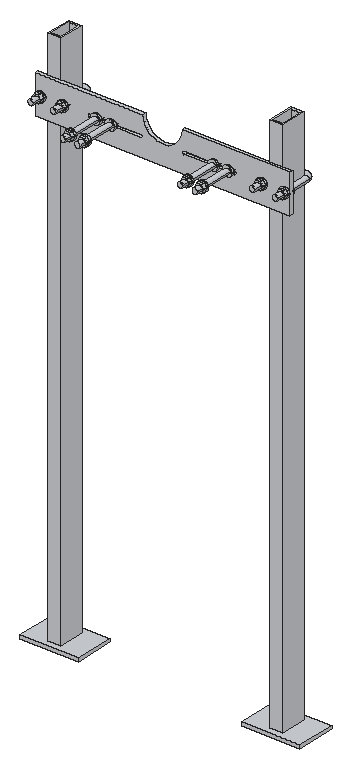
Revit family
Parameters (values of type "MC-31")
  Model = "MC-31"
  Manufacturer = "MIFAB"
  Description = "Urinal Carrier"
Reference planes (in)
  plane 1 "Center (Front/Back)": y = 0
  plane 2: z = 0
  plane 3 "Center (Left/Right)": x = 0
Forms (in)
  Extrusion 1, solid
    sketch origin (-0.0385, 0, 0) x (1, 0, 0) y (0, 1, 0)
      loop
        line (-10.75, 1.5) -> (-10.75, -1.5) -> (-6.25, -1.5) -> (-6.25, 1.5) -> (-10.75, 1.5)
      loop
        line (10.75, 1.5) -> (6.25, 1.5) -> (6.25, -1.5) -> (10.75, -1.5) -> (10.75, 1.5)
    from 0 to 0.25
  Extrusion 2, solid
    sketch origin (-0.0385, 0, 0) x (1, 0, 0) y (0, 1, 0)
      loop
        line (-9, 1) -> (-9, -1) -> (-8, -1) -> (-8, 1) -> (-9, 1)
      loop
        line (9, 1) -> (8, 1) -> (8, -1) -> (9, -1) -> (9, 1)
      loop
        line (-8.875, 0.875) -> (-8.875, -0.875) -> (-8.125, -0.875) -> (-8.125, 0.875) -> (-8.875, 0.875)
      loop
        line (8.875, 0.875) -> (8.125, 0.875) -> (8.125, -0.875) -> (8.875, -0.875) -> (8.875, 0.875)
    from 0.25 to 42
  Extrusion 3, solid
    sketch origin (-0.0385, -1.5, 0) x (1, 0, 0) y (0, 0, 1)
      loop
        line (-9.75, 39.14334) -> (-9.75, 36.14334) -> (9.75, 36.14334) -> (9.75, 39.14334) -> (1.5, 39.14334)
        arc (1.5, 39.14334) -> (0, 37.64334) -> (-1.5, 39.14334) r 1.5
        line (-1.5, 39.14334) -> (-9.75, 39.14334)
      loop
        circle (9.37144, 37.625) r 0.25
      loop
        circle (7.62856, 37.625) r 0.25
      loop
        circle (-9.37144, 37.625) r 0.25
      loop
        circle (-7.62856, 37.625) r 0.25
      loop
        line (5.54399, 37.75) -> (5.275, 37.75)
        arc (5.275, 37.75) -> (5.05994, 37.87253) -> (4.84488, 37.75) r 0.25
        line (4.84488, 37.75) -> (4.15512, 37.75)
        arc (4.15512, 37.75) -> (3.94006, 37.87253) -> (3.725, 37.75) r 0.25
        line (3.725, 37.75) -> (1.66899, 37.75)
        arc (1.66899, 37.75) -> (1.54399, 37.625) -> (1.66899, 37.5) r 0.125
        line (1.66899, 37.5) -> (3.72215, 37.5)
        arc (3.72215, 37.5) -> (3.94006, 37.37253) -> (4.15797, 37.5) r 0.25
        line (4.15797, 37.5) -> (4.84203, 37.5)
        arc (4.84203, 37.5) -> (5.05994, 37.37253) -> (5.27785, 37.5) r 0.25
        line (5.27785, 37.5) -> (5.54399, 37.5)
        arc (5.54399, 37.5) -> (5.66899, 37.625) -> (5.54399, 37.75) r 0.125
      loop
        arc (-5.54399, 37.75) -> (-5.66899, 37.625) -> (-5.54399, 37.5) r 0.125
        line (-5.54399, 37.5) -> (-5.27785, 37.5)
        arc (-5.27785, 37.5) -> (-5.05994, 37.37253) -> (-4.84203, 37.5) r 0.25
        line (-4.84203, 37.5) -> (-4.15797, 37.5)
        arc (-4.15797, 37.5) -> (-3.94006, 37.37253) -> (-3.72215, 37.5) r 0.25
        line (-3.72215, 37.5) -> (-1.66899, 37.5)
        arc (-1.66899, 37.5) -> (-1.54399, 37.625) -> (-1.66899, 37.75) r 0.125
        line (-1.66899, 37.75) -> (-3.725, 37.75)
        arc (-3.725, 37.75) -> (-3.94006, 37.87253) -> (-4.15512, 37.75) r 0.25
        line (-4.15512, 37.75) -> (-4.84488, 37.75)
        arc (-4.84488, 37.75) -> (-5.05994, 37.87253) -> (-5.275, 37.75) r 0.25
        line (-5.275, 37.75) -> (-5.54399, 37.75)
    from -0.5 to -0.25
  Sweep 4, solid
    path origin (-0.0385, 0, 0) x (1, 0, 0) y (0, 1, 0)
      loop
        line (-9.37144, -2.1899) -> (-9.37144, 0.8101)
        arc (-9.37144, 0.8101) -> (-9.2426, 1.12116) -> (-8.93154, 1.25) r 0.4399
        line (-8.93154, 1.25) -> (-8.06846, 1.25)
        arc (-8.06846, 1.25) -> (-7.7574, 1.12116) -> (-7.62856, 0.8101) r 0.4399
        line (-7.62856, 0.8101) -> (-7.62856, -2.1899)
    profile origin (-9.40994, -0.6899, 0) x (-1, 0, 0) y (0, 0, 1)
      loop
        circle (0, 37.63699) r 0.2
  Sweep 5, solid
    path origin (-0.0385, 0, 0) x (-1, 0, 0) y (0, 1, 0)
      loop
        line (-9.37144, -2.1899) -> (-9.37144, 0.8101)
        arc (-9.37144, 0.8101) -> (-9.2426, 1.12116) -> (-8.93154, 1.25) r 0.4399
        line (-8.93154, 1.25) -> (-8.06846, 1.25)
        arc (-8.06846, 1.25) -> (-7.7574, 1.12116) -> (-7.62856, 0.8101) r 0.4399
        line (-7.62856, 0.8101) -> (-7.62856, -2.1899)
    profile origin (9.33294, -0.6899, 0) x (-1, 0, 0) y (0, 0, 1)
      loop
        circle (0, 37.63699) r 0.2
  Extrusion 6, solid
    sketch origin (-0.0385, 0, 1.38699) x (1, 0, 0) y (0, 0, 1)
      loop
        circle (-9.37144, 36.25) r 0.37861
      loop
        circle (-7.62856, 36.25) r 0.37861
      loop
        circle (7.62856, 36.25) r 0.37861
      loop
        circle (9.37144, 36.25) r 0.37861
    from 1.25 to 1.375
  Extrusion 7, solid
    sketch origin (-0.0385, -2.25, 1.38699) x (1, 0, 0) y (0, 0, -1)
      loop
        circle (-9.37144, -36.25) r 0.37861
      loop
        circle (-7.62856, -36.25) r 0.37861
      loop
        circle (7.62856, -36.25) r 0.37861
      loop
        circle (9.37144, -36.25) r 0.37861
    from 1.25 to 1.375
  Extrusion 8, solid
    sketch origin (-0.0385, 0, 1.38699) x (1, 0, 0) y (0, 0, 1)
      loop
        line (9.19891, 36.54883) -> (9.02638, 36.25) -> (9.19891, 35.95117) -> (9.54397, 35.95117) -> (9.7165, 36.25) -> (9.54397, 36.54883) -> (9.19891, 36.54883)
      loop
        line (7.45603, 36.54883) -> (7.2835, 36.25) -> (7.45603, 35.95117) -> (7.80109, 35.95117) -> (7.97362, 36.25) -> (7.80109, 36.54883) -> (7.45603, 36.54883)
      loop
        circle (9.37144, 36.25) r 0.2
      loop
        circle (7.62856, 36.25) r 0.2
      loop
        line (-9.19891, 36.54883) -> (-9.54397, 36.54883) -> (-9.7165, 36.25) -> (-9.54397, 35.95117) -> (-9.19891, 35.95117) -> (-9.02638, 36.25) -> (-9.19891, 36.54883)
      loop
        line (-7.45603, 36.54883) -> (-7.80109, 36.54883) -> (-7.97362, 36.25) -> (-7.80109, 35.95117) -> (-7.45603, 35.95117) -> (-7.2835, 36.25) -> (-7.45603, 36.54883)
      loop
        circle (-9.37144, 36.25) r 0.2
      loop
        circle (-7.62856, 36.25) r 0.2
    from 1.375 to 1.625
  Extrusion 9, solid
    sketch origin (-0.0385, 0, 0) x (1, 0, 0) y (0, 0, 1)
      loop
        circle (-3.94006, 37.62253) r 0.2
      loop
        circle (-5.05994, 37.62253) r 0.2
      loop
        circle (3.94006, 37.62253) r 0.2
      loop
        circle (5.05994, 37.62253) r 0.2
    from 0.73281 to 4.48435
  Extrusion 10, solid
    sketch origin (4.273, -2.4273, -1.55033) x (1, 0, 0) y (0, 0, 1)
      loop
        line (-9.19891, 39.47169) -> (-9.54397, 39.47169) -> (-9.7165, 39.17286) -> (-9.54397, 38.87403) -> (-9.19891, 38.87403) -> (-9.02638, 39.17286) -> (-9.19891, 39.47169)
      loop
        circle (-9.37144, 39.17286) r 0.2
      loop
        line (-8.07903, 39.47169) -> (-8.42409, 39.47169) -> (-8.59662, 39.17286) -> (-8.42409, 38.87403) -> (-8.07903, 38.87403) -> (-7.90651, 39.17286) -> (-8.07903, 39.47169)
      loop
        circle (-8.25156, 39.17286) r 0.2
      loop
        line (-0.19891, 39.47169) -> (-0.54397, 39.47169) -> (-0.7165, 39.17286) -> (-0.54397, 38.87403) -> (-0.19891, 38.87403) -> (-0.02638, 39.17286) -> (-0.19891, 39.47169)
      loop
        circle (-0.37144, 39.17286) r 0.2
      loop
        line (0.92097, 39.47169) -> (0.57591, 39.47169) -> (0.40338, 39.17286) -> (0.57591, 38.87403) -> (0.92097, 38.87403) -> (1.09349, 39.17286) -> (0.92097, 39.47169)
      loop
        circle (0.74844, 39.17286) r 0.2
    from 1.375 to 1.625
  Extrusion 11, solid
    sketch origin (4.273, 0, -1.55033) x (1, 0, 0) y (0, 0, 1)
      loop
        circle (-9.37144, 39.17286) r 0.37857
      loop
        circle (-8.25156, 39.17286) r 0.37857
      loop
        circle (-0.37144, 39.17286) r 0.37857
      loop
        circle (0.74844, 39.17286) r 0.37857
    from 1.25 to 1.375
  Extrusion 12, solid
    sketch origin (4.273, -2.43499, -1.55033) x (1, 0, 0) y (0, 0, 1)
      loop
        circle (-9.37144, 39.17286) r 0.37857
      loop
        circle (-8.25156, 39.17286) r 0.37857
      loop
        circle (-0.37144, 39.17286) r 0.37857
      loop
        circle (0.74844, 39.17286) r 0.37857
    from 1.25 to 1.375
Dimensions and locks (in)
  Extrusion 3 sketch curve to Extrusion 3 sketch curve = 0' - 3"
  locked: Extrusion 3 to Extrusion 3 at 0.25
  aligned and locked: Extrusion 2 to Extrusion 1
  aligned and locked: Extrusion 3 to Extrusion 2
  aligned and locked: Extrusion 6 to Extrusion 3
  aligned and locked: Extrusion 8 to Extrusion 6
